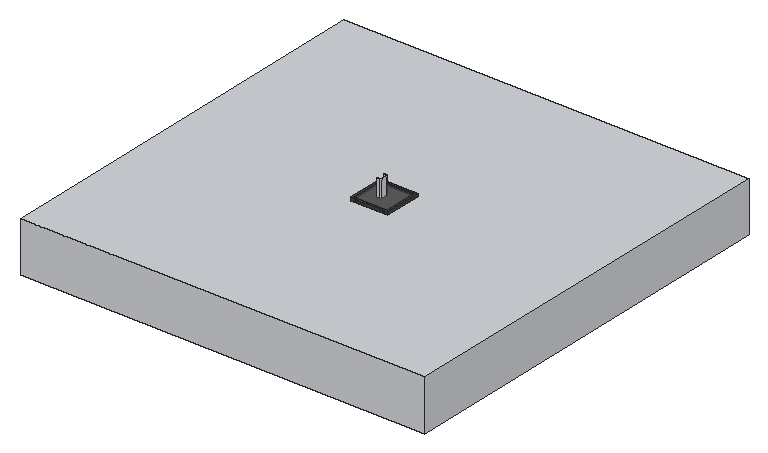
Revit family "Dachhalter Komplett", category Allgemeines Modell, Revit 2017
Family settings
  Basisbauteil = Fläche
  Kann Basisbauteil für Bewehrung sein = Nein
  Bemaßung runder Anschluss = Durchmesser verwenden
  Teiletyp = Normal
  Beim Laden mit Abzugskörper schneiden = Nein
  Gemeinsam genutzt = Nein
  Raumberechnungspunkt = Nein
Parameters
  passend für = ""
  max. zul. Last Druck = 0.00 kip
  max. Profilhöhe = 120 mm
  Default Elevation = 1219.2 mm
  Stärke Platte = 6 mm
  Stärke = 0 mm
  Sicherheitsfaktor = 0
  Regelhalter [instance] = ""
  Profiltyp = "45/26 - 45/120"
  Profilname = "45/26 - 45/120"
  Profil = "C-Profil"
  Neigung = ""
  Material = "Stahl"
  Länge Platte = 200 mm
  Länge 1 = ""
  Länge = 0 mm
  Lochdurchmesser = ""
  Lochabstand = "150 mm"
  Lieferumfang = ""
  Langloch = "14x27 mm"
  Kurztext2 = "für C-Profil 45/26 - 45/120 fsv"
  Kurztext1 = "Dachhalter C-Profil 45 quadratisch"
  Höhe 2 = ""
  Höhe 1 = ""
  Gewicht pro Bauteil = Gewicht  # 3.705 kg
  Gewicht = 3.705 kg
  Firma = "MEFA Befestigungs- und Montagesysteme GmbH"
  Fabrikat = "MEFA"
  EAN = "4250928420718"
  Breite Platte = 200 mm
  Breite = 0 mm
  Befestigung = "Flachdach"
  Baustoffklasse = "B2"
  Ausrichtung Platte = "quadratisch"
  Ausführung = ""
  Artikelnummer = "08197500"
  Abmessung Grundplatte = ""
Reference planes
  plane 1 "Mitte (Vorne/hinten)": y = 0
  plane 2: z = 0
  plane 3 "Mitte (Links/rechts)": x = 0
  plane 4: x = -112.5
  plane 5: x = 112.5
  plane 6: y = 112.5
  plane 7: y = -112.5
  plane 8: x = -100
  plane 9: x = 100
  plane 10: y = 100
  plane 11: y = -100
  plane 12: z = 50
  plane 13: z = 78
  plane 14: x = -4
  plane 15: x = -9
Forms (mm)
  Extrusion 1, solid
    sketch origin (0, 0, 0) x (1, 0, 0) y (0, 1, 0)
      loop
        line (-1219.2, 1219.2) -> (-1219.2, -1219.2) -> (1219.2, -1219.2) -> (1219.2, 1219.2) -> (-1219.2, 1219.2)
    from 0 to -304.8
  Extrusion 2, solid, material "EPDM"
    sketch origin (0, 0, 0) x (1, 0, 0) y (0, 1, 0)
      loop
        line (-112.5, 112.5) -> (-112.5, -112.5) -> (112.5, -112.5) -> (112.5, 112.5) -> (-112.5, 112.5)
    from 0 to 17
  Extrusion 3, void
    sketch origin (0, 0, 0) x (1, 0, 0) y (0, 1, 0)
      loop
        line (-100, 100) -> (-100, -100) -> (100, -100) -> (100, 100) -> (-100, 100)
    from 6 to 17
  Extrusion 4, void
    sketch origin (0, 0, 0) x (1, 0, 0) y (0, 0, 1)
      loop
        line (90, 17) -> (80, 17) -> (80, 6) -> (90, 6) -> (90, 17)
      loop
        line (-90, 17) -> (-90, 6) -> (-80, 6) -> (-80, 17) -> (-90, 17)
    from -250 to 250
  Extrusion 5, solid, material "MEFA Stahl S235"
    sketch origin (0, 0, 0) x (1, 0, 0) y (0, 1, 0)
      loop
        line (-100, 100) -> (-100, -100) -> (100, -100) -> (100, 100) -> (-100, 100)
    from 6 to 12
Cuts and joins
  Extrusion 3, Extrusion 4 cuts Extrusion 2
Dimensions and locks
  aligned and locked: plane 2 to Extrusion 1
  aligned and locked: level to Extrusion 1
  aligned and locked: nested 1 to plane 1 "Mitte (Vorne/hinten)"
  aligned and locked: nested 1 to Extrusion 5
  aligned and locked: plane 3 "Mitte (Links/rechts)" to nested 1
Nested families
  nested 1: "Halterprofil 104x54 ak" at (0, 0, 12) x (0, 1, 0) z (0, 0, 1), type "Halterprofil 104x54 ak"
Definition of nested family "Halterprofil 104x54 ak"
  Parameters (values of type "Halterprofil 104x54 ak")
    Regelhalter [instance] = ""
    Firma = "MEFA Befestigungs- und Montagesysteme GmbH"
  Reference planes
    plane 1 "Mitte (Vorne/hinten)": y = 0
    plane 2: z = 0
    plane 3 "Mitte (Links/rechts)": x = 0
    plane 4: x = -27
    plane 5: y = 23.6
    plane 6: x = 27
    plane 7: z = 38
    plane 8: z = 104
    plane 9: z = 82
    plane 10: z = 66
    plane 11: z = 74
    plane 12: x = -6
    plane 13: x = 6
  Forms (mm)
    Extrusion 1, solid
      sketch origin (0, 0, 0) x (1, 0, 0) y (0, 1, 0)
        loop
          line (-27, 23.6) -> (-27, 8)
          arc (-27, 8) -> (-24.657, 2.343) -> (-19, 0) r 8
          line (-19, 0) -> (19, 0)
          arc (19, 0) -> (24.657, 2.343) -> (27, 8) r 8
          line (27, 8) -> (27, 23.6) -> (23, 23.6) -> (23, 8)
          arc (23, 8) -> (21.828, 5.172) -> (19, 4) r 4
          line (19, 4) -> (-19, 4)
          arc (-19, 4) -> (-21.828, 5.172) -> (-23, 8) r 4
          line (-23, 8) -> (-23, 23.6) -> (-27, 23.6)
      from 0 to 104
    Extrusion 2, void
      sketch origin (0, 0, 0) x (1, 0, 0) y (0, 0, 1)
        loop
          arc (4.357, 76.845) -> (-0.43, 88.736) -> (-3.667, 76.333) r 6.75
          arc (-3.667, 76.333) -> (-2.701, 74) -> (-3.667, 71.667) r 3.299
          arc (-3.667, 71.667) -> (-0.037, 59.25) -> (3.729, 71.627) r 6.75
          arc (3.729, 71.627) -> (2.739, 74.393) -> (4.357, 76.845) r 3.285
        loop
          circle (0, 38) r 6.75
      from -50 to 50
  Cuts and joins
    Extrusion 2 cuts Extrusion 1
  Dimensions and locks
    aligned and locked: level to plane 2
